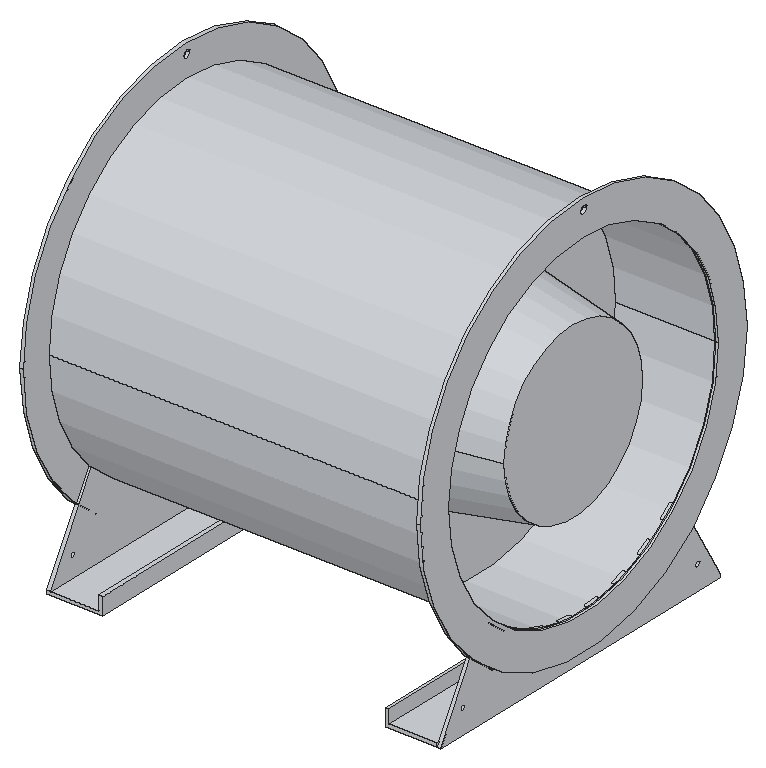
Revit family "BVN_ARMO-A", category Mechanical Equipment, Revit 2019
Family settings
  Round Connector Dimension = Use Diameter
  Part Type = Normal
  OmniClass Number = 23.75.00.00
  OmniClass Title = Climate Control (HVAC)
  Work Plane-Based = No
  Always vertical = Yes
  Cut with Voids When Loaded = No
  Shared = No
  Room Calculation Point = No
Parameters (values of type "ARMO-A 500-6/1,1-4A")
  t' = -5 mm  # constant formula
  t = 5 mm  # constant formula
  e' = -(E' / 2)  # -252.5 mm
  e = E' / 2  # 252.5 mm
  Speed (rpm) = 1400
  Qd = 12 mm
  Q_Top = 250 mm
  Q_Bottom = 300 mm
  QTk = 280 mm
  QDi' = QDi - 10 mm  # 490 mm
  QDi = 500 mm
  QDa = 590 mm
  Wing Angle (degree) = 38
  Power = 1100 W
  Main Body = none
  L = 580 mm
  K = 524 mm
  HfL = 80 mm
  Hf = 310 mm
  Fitting = none
  E' = E + 80 mm  # 505 mm
  E = 425 mm
  Current = 2.6 A
  Air Flow = 12600 m³/h
Types (21, lengths in mm): name | e' | e | Speed (rpm) | Qd | Q_Top | Q_Bottom | QTk | QDi' | QDi | QDa | Wing Angle (degree) | Power | L | K | HfL | Hf | E' | E | Current | Air Flow
  ARMO-A 400-6/0,75-2A | -207.5 | 207.5 | 2900 | 12 | 200 | 250 | 225 | 390 | 400 | 480 | 16 | 750 W | 474 | 420 | 60 | 255 | 415 | 335 | 1.6 A | 5250 m³/h
  ARMO-A 450-6/1,1-2A | -232.5 | 232.5 | 2900 | 12 | 200 | 250 | 250 | 440 | 450 | 530 | 10 | 1100 W | 474 | 420 | 70 | 280 | 465 | 385 | 2.3 A | 6248 m³/h
  ARMO-A 500-6/3-2A | -252.5 | 252.5 | 2900 | 12 | 250 | 300 | 280 | 490 | 500 | 590 | 28 | 3000 W | 580 | 524 | 80 | 310 | 505 | 425 | 6 A | 13545 m³/h
  ARMO-A 560-6/4-2A | -282.5 | 282.5 | 2900 | 12 | 250 | 300 | 310 | 550 | 560 | 650 | 14 | 4000 W | 580 | 524 | 85 | 340 | 565 | 485 | 7.4 A | 17850 m³/h
  ARMO-A 630-6/4-4A | -317.5 | 317.5 | 1500 | 12 | 270 | 320 | 345 | 620 | 630 | 720 | 38 | 4000 W | 600 | 544 | 90 | 375 | 635 | 555 | 8.2 A | 25200 m³/h
  ARMO-A 710-6/3-4A | -337.5 | 337.5 | 1410 | 12 | 280 | 330 | 385 | 700 | 710 | 800 | 32 | 3000 W | 600 | 544 | 95 | 420 | 675 | 595 | 6.6 A | 27825 m³/h
  ARMO-A 800-9/5,5-4A | -352.5 | 352.5 | 1430 | 12 | 300 | 360 | 430 | 790 | 800 | 890 | 26 | 5500 W | 700 | 634 | 100 | 470 | 705 | 625 | 11.2 A | 36488 m³/h
  ARMO-A 900-9/11-4A | -377.5 | 377.5 | 1450 | 15 | 350 | 400 | 485 | 890 | 900 | 1005 | 26 | 11000 W | 775 | 697 | 110 | 527 | 755 | 675 | 21 A | 54600 m³/h
  ARMO-A 1000-9/15-4A | -427.5 | 427.5 | 1450 | 15 | 380 | 430 | 535 | 990 | 1000 | 1105 | 24 | 15000 W | 850 | 772 | 130 | 577 | 855 | 775 | 29.3 A | 69300 m³/h
  ARMO-A 1250-9/30-4A | -515 | 515 | 1460 | 15 | 450 | 500 | 660 | 1240 | 1250 | 1390 | 18 | 30000 W | 949 | 861 | 150 | 720 | 1030 | 950 | 55 A | 114975 m³/h
  ARMO-A 500-6/1,1-4A | -252.5 | 252.5 | 1400 | 12 | 250 | 300 | 280 | 490 | 500 | 590 | 38 | 1100 W | 580 | 524 | 80 | 310 | 505 | 425 | 2.6 A | 12600 m³/h
  ARMO-A 560-6/2,2-4A | -282.5 | 282.5 | 1410 | 12 | 250 | 300 | 310 | 550 | 560 | 650 | 38 | 2200 W | 580 | 524 | 85 | 340 | 565 | 485 | 5 A | 17850 m³/h
  ARMO-A 630-6/7,5-2A | -317.5 | 317.5 | 2800 | 12 | 270 | 320 | 345 | 620 | 630 | 720 | 16 | 7500 W | 600 | 544 | 90 | 375 | 635 | 555 | 13.6 A | 27300 m³/h
  ARMO-A 560-6/0,55-6A | -252.5 | 252.5 | 930 | 12 | 250 | 300 | 280 | 490 | 500 | 590 | 22 | 370 W | 580 | 524 | 80 | 310 | 505 | 425 | 1.1 A | 11576 m³/h
  ARMO-A 500-6/0.37-6A | -252.5 | 252.5 | 900 | 12 | 250 | 300 | 280 | 490 | 500 | 590 | 38 | 370 W | 580 | 524 | 80 | 310 | 505 | 425 | 1.1 A | 8400 m³/h
  ARMO-A 630-6/1,1-6A | -317.5 | 317.5 | 945 | 12 | 270 | 320 | 345 | 620 | 630 | 720 | 38 | 1100 W | 600 | 544 | 90 | 375 | 635 | 555 | 2.9 A | 16800 m³/h
  ARMO-A 710-6/4-6A | -337.5 | 337.5 | 955 | 12 | 280 | 330 | 385 | 700 | 710 | 800 | 32 | 4000 W | 600 | 544 | 95 | 420 | 675 | 595 | 9 A | 21000 m³/h
  ARMO-A 800-9/3-6A | -352.5 | 352.5 | 950 | 12 | 300 | 360 | 430 | 790 | 800 | 890 | 32 | 3000 W | 700 | 634 | 100 | 470 | 705 | 625 | 6.9 A | 28350 m³/h
  ARMO-A 900-9/4-6A | -377.5 | 377.5 | 955 | 15 | 350 | 400 | 485 | 890 | 900 | 1005 | 30 | 4000 W | 775 | 697 | 110 | 527 | 755 | 675 | 9 A | 39900 m³/h
  ARMO-A 1000-9/7,5-6A | -427.5 | 427.5 | 960 | 15 | 380 | 430 | 535 | 990 | 1000 | 1105 | 32 | 5500 W | 850 | 772 | 130 | 577 | 855 | 775 | 15 A | 57750 m³/h
  ARMO-A 1250-9/15-6A | -515 | 515 | 965 | 15 | 450 | 500 | 660 | 1240 | 1250 | 1390 | 28 | 15000 W | 949 | 861 | 150 | 720 | 1030 | 950 | 29 A | 105000 m³/h
Reference planes
  plane 1 "Center (Front/Back)": y = 0
  plane 2: z = 0
  plane 3 "Center (Left/Right)": x = 0
  plane 4: x = 580
  plane 5 "a1": x = 575
  plane 6: x = 5
  plane 7: x = 10
  plane 8: x = 290
Forms (mm)
  Extrusion 1, solid, material <- "Main Body"
    sketch origin (0, 0, 0) x (0, 1, 0) y (0, 0, 1)
      loop
        circle (0, 0) r 295
    from 0 to 5 <- "t"
  Extrusion 2, solid, material <- "Main Body"
    sketch origin (5, 0, 0) x (0, 1, 0) y (0, 0, 1)
      loop
        circle (0, 0) r 250
    from 0 to 570
  Extrusion 3, solid, material <- "Main Body"
    sketch origin (575, 0, 0) x (0, 1, 0) y (0, 0, 1)
      loop
        circle (0, 0) r 295
    from 0 to 5
  Extrusion 4, solid, material <- "Fitting"
    sketch origin (0, 0, 0) x (1, 0, 0) y (0, 0, 1)
      loop
        line (10, 0) -> (5, 0) -> (5, -310) -> (85, -310) -> (85, -285) -> (80, -285) -> (80, -305) -> (10, -305) -> (10, 0)
    from -252.5 <- "e'" to 252.5 <- "e"
  Extrusion 5, void
    sketch origin (5, 0, 0) x (0, 0, -1) y (0, -1, 0)
      loop
        line (310, -252.5) -> (-129.843, 1.443) -> (305, 252.5) -> (-779.644, 252.5) -> (-779.644, -252.5) -> (310, -252.5)
    from 0 to -5 <- "t'"
  Extrusion 6, solid, material <- "Fitting"
    sketch origin (474, 0, 0) x (-1, 0, 0) y (0, 0, -1)
      loop
        line (-96, 0) -> (-96, 305) -> (-26, 305) -> (-26, 285) -> (-21, 285) -> (-21, 310) -> (-101, 310) -> (-101, 0) -> (-96, 0)
    from -252.5 <- "e'" to 252.5 <- "e"
  Extrusion 7, void
    sketch origin (575, 0, 0) x (0, 0, -1) y (0, 1, 0)
      loop
        line (305, 252.5) -> (-820.263, 252.5) -> (-820.263, -252.5) -> (310, -252.5) -> (-129.843, 1.443) -> (305, 252.5)
    from 0 to -5 <- "t'"
  Extrusion 8, void
    sketch origin (0, 0, 0) x (0, -1, 0) y (0, 0, 1)
      loop
        circle (0, 280) r 6
    from -1000 to 5
  Extrusion 9, void
    sketch origin (580, 0, 0) x (0, 1, 0) y (0, 0, 1)
      loop
        circle (0, 0) r 245
    from -150 to 5
  Extrusion 10, void
    sketch origin (0, 0, 0) x (0, -1, 0) y (0, 0, 1)
      loop
        circle (0, 0) r 245
    from -150 to 5
  Blend 11, solid
    base sketch origin (430, 0, 0) x (0, 1, 0) y (0, 0, 1)
      loop
        circle (0, 0) r 150
    top sketch origin (575, 0, 0) x (0, 1, 0) y (0, 0, 1)
      loop
        circle (0, 0) r 125
    from 0 to -10
  Blend 12, solid
    base sketch origin (150, 0, 0) x (0, -1, 0) y (0, 0, 1)
      loop
        circle (0, 0) r 150
    top sketch origin (5, 0, 0) x (0, 1, 0) y (0, 0, 1)
      loop
        circle (0, 0) r 125
    from 0 to -10
  Extrusion 13, void
    sketch origin (5, 0, 0) x (0, 0, -1) y (0, -1, 0)
      loop
        circle (275, -212.5) r 4
      loop
        circle (275, 212.5) r 4
    from -1000 to 5
Cuts and joins
  Extrusion 5, Extrusion 10, Extrusion 13 cuts Extrusion 4
  Extrusion 7, Extrusion 9, Extrusion 13 cuts Extrusion 6
  Extrusion 8, Extrusion 9 cuts Extrusion 3
  Extrusion 8, Extrusion 10 cuts Extrusion 1
  Extrusion 9, Extrusion 10 cuts Extrusion 2
Dimensions and locks
  locked: plane 5 "a1" to plane 4 at 5
  locked: plane 3 "Center (Left/Right)" to plane 6 at 5
  "L": plane 3 "Center (Left/Right)" to plane 4
  locked: Extrusion 4 sketch curve to Extrusion 4 sketch curve at 5  (x3)
  Extrusion 4 sketch curve to Extrusion 4 sketch curve = 20 mm
  "Hf": level to Extrusion 4 sketch curve
  "HfL": Extrusion 4 sketch curve to Extrusion 1
  locked: plane 6 to plane 7 at 5
  equal spacing: plane 3 "Center (Left/Right)", plane 8, plane 4
  locked: Extrusion 6 sketch curve to Extrusion 6 sketch curve at 5  (x3)
  Extrusion 6 sketch curve to Extrusion 6 sketch curve = 20 mm
  "Hf": level to Extrusion 5 sketch curve
  "Hf": level to cut or joined group of Extrusion 6, Extrusion 7, Extrusion 9, Extrusion 13
  "Hf": level to Extrusion 7 sketch curve
  "QTk": Extrusion 8 sketch curve to level
  equal spacing: Extrusion 13 sketch curve, plane 1 "Center (Front/Back)", Extrusion 13 sketch curve
  Extrusion 13 sketch curve to cut or joined group of Extrusion 4, Extrusion 5, Extrusion 10, Extrusion 13 = 10 mm  (x2)
  "E": Extrusion 13 sketch curve to Extrusion 13 sketch curve
  "HfL": cut or joined group of Extrusion 6, Extrusion 7, Extrusion 9, Extrusion 13 to cut or joined group of Extrusion 6, Extrusion 7, Extrusion 9, Extrusion 13
  "QDi": diameter of Extrusion 2 sketch curve
  "QDa": diameter of Extrusion 1 sketch curve
  "QDa": diameter of Extrusion 1
  "QDa": diameter of Extrusion 3 sketch curve
  "Qd": diameter of Extrusion 8 sketch curve
  "QDi'": diameter of Extrusion 9 sketch curve
  "QDi'": diameter of Extrusion 10 sketch curve
  "Q_Bottom": diameter of Blend 11 sketch curve
  "Q_Top": diameter of Blend 11 sketch curve
  "Q_Bottom": diameter of Blend 12 sketch curve
  "Q_Top": diameter of Blend 12 sketch curve
  locked: Extrusion 5 sketch curve to Extrusion 4 (angle 30.00°)
  locked: Extrusion 4 to Extrusion 5 sketch curve (angle 30.00°)
  angle Extrusion 6 to Extrusion 7 sketch curve = 150.00°
  angle Extrusion 7 sketch curve to Extrusion 6 = 150.00°
  aligned and locked: level to plane 2
  aligned and locked: plane 6 to Extrusion 1
  aligned and locked: plane 5 "a1" to Extrusion 2
  aligned and locked: plane 4 to Extrusion 3
  aligned and locked: Extrusion 4 sketch curve to level
  aligned and locked: Extrusion 4 sketch curve to plane 6
  aligned and locked: Extrusion 4 to Extrusion 5 sketch curve
  aligned and locked: Extrusion 5 to Extrusion 1
  aligned and locked: Extrusion 5 to Extrusion 4
  aligned and locked: cut or joined group of Extrusion 4, Extrusion 5, Extrusion 10, Extrusion 13 to Extrusion 7 sketch curve
  aligned and locked: Extrusion 7 sketch curve to cut or joined group of Extrusion 4, Extrusion 5, Extrusion 10, Extrusion 13
Automatic sketch dimensions
  Extrusion 6 sketch curve to level = 0 mm
  Extrusion 6 sketch curve to plane 5 "a1" = 0 mm
  Extrusion 6 sketch curve to Extrusion 6 sketch curve = 70 mm
  level to Extrusion 6 sketch curve = 285 mm
  Extrusion 1 sketch curve to level = 0 mm
  Extrusion 1 sketch curve to plane 1 "Center (Front/Back)" = 0 mm
  Extrusion 3 sketch curve to level = 0 mm
  Extrusion 3 sketch curve to plane 1 "Center (Front/Back)" = 0 mm
  Extrusion 5 sketch curve to Extrusion 4 = 0 mm
  Extrusion 5 sketch curve to Extrusion 4 = 5 mm
  Extrusion 5 sketch curve to Extrusion 5 sketch curve = 649.801 mm
  Extrusion 7 sketch curve to Extrusion 6 = 5 mm
  Extrusion 7 sketch curve to Extrusion 7 sketch curve = 690.42 mm
  radius of Extrusion 13 sketch curve = 4 mm  (x2)
